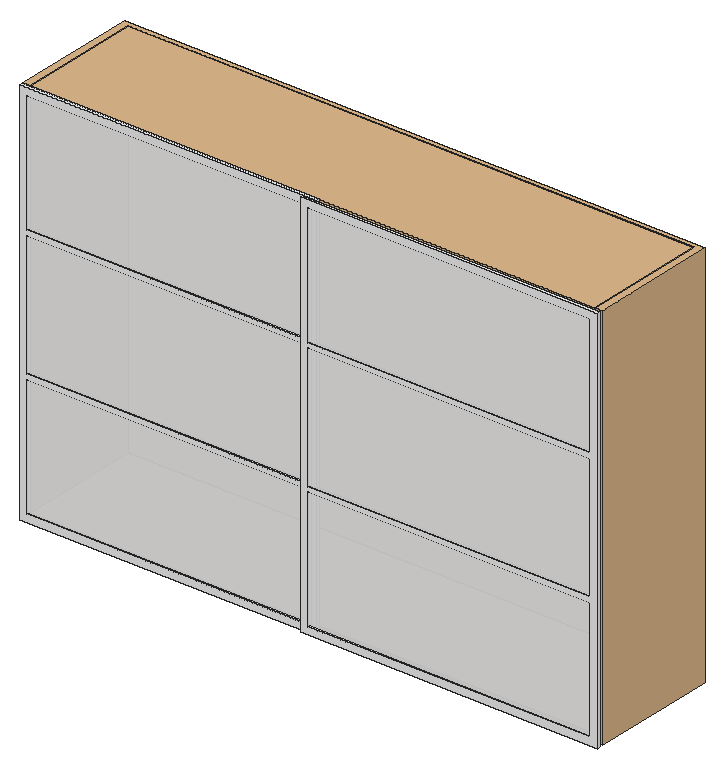
Revit family "Ikea_Pax_Stordal_Wardrobe_2583", category Мебель, Revit 2017
Family settings
  На основе рабочей плоскости = Нет
  Всегда вертикально = Да
  При загрузке вырезать с полостями = Нет
  Общий = Нет
  Точка расчета площади = Нет
Reference planes (in)
  plane 1 "Center F/B": y = 0
  plane 2: z = 0
  plane 3 "Center L/R": x = 0
Forms (in)
  Extrusion 1, solid
    sketch origin (0, 0, 0) x (-1, 0, 0) y (0, -1, 0)
      loop
        line (-59, 13) -> (-59, -13) -> (59, -13) -> (59, 13) -> (57.5, 13) -> (57.5, -12) -> (-57.5, -12) -> (-57.5, 13) -> (-59, 13)
    from 0 to 79.25
  Extrusion 2, solid
    sketch origin (-52, -14.75, 0) x (-1, 0, 0) y (0, 0, -1)
      loop
        line (-53.34919, -79.25) -> (7, -79.25) -> (7, 0) -> (-53.34919, 0) -> (-53.34919, -79.25)
      loop
        line (-51.84919, -77.75) -> (5.5, -77.75) -> (5.5, -53.25) -> (-51.84919, -53.25) -> (-51.84919, -77.75)
      loop
        line (5.5, -1.5) -> (-51.84919, -1.5) -> (-51.84919, -26) -> (5.5, -26) -> (5.5, -1.5)
      loop
        line (5.5, -52.25) -> (5.5, -27) -> (-51.84919, -27) -> (-51.84919, -52.25) -> (5.5, -52.25)
    from -1.10057 to -1.75
  Extrusion 3, solid
    sketch origin (-52, -14.75, 0) x (-1, 0, 0) y (0, 0, -1)
      loop
        line (5.5, -77.75) -> (5.5, -53.25) -> (-51.84919, -53.25) -> (-51.84919, -77.75) -> (5.5, -77.75)
      loop
        line (5.5, -52.25) -> (5.5, -27) -> (-51.84919, -27) -> (-51.84919, -52.25) -> (5.5, -52.25)
      loop
        line (5.5, -26) -> (5.5, -1.5) -> (-51.84919, -1.5) -> (-51.84919, -26) -> (5.5, -26)
    from -1.25 to -1.60057
  Extrusion 4, solid
    sketch origin (0, 0, 0) x (1, 0, 0) y (0, 1, 0)
      loop
        line (-57.5, 12) -> (-57.5, -13) -> (57.5, -13) -> (57.5, 12) -> (-57.5, 12)
    from 0 to 1.5
  Extrusion 5, solid
    sketch origin (0, 0, 77.75) x (1, 0, 0) y (0, 1, 0)
      loop
        line (-57.5, 12) -> (-57.5, -13) -> (57.5, -13) -> (57.5, 12) -> (-57.5, 12)
    from 0 to 1.5
  Extrusion 6, solid
    sketch origin (5.6481, -15.39943, 0) x (-1, 0, 0) y (0, 0, -1)
      loop
        line (-53.34919, -79.25) -> (7, -79.25) -> (7, 0) -> (-53.34919, 0) -> (-53.34919, -79.25)
      loop
        line (-51.84919, -77.75) -> (5.5, -77.75) -> (5.5, -53.25) -> (-51.84919, -53.25) -> (-51.84919, -77.75)
      loop
        line (5.5, -1.5) -> (-51.84919, -1.5) -> (-51.84919, -26) -> (5.5, -26) -> (5.5, -1.5)
      loop
        line (5.5, -52.25) -> (5.5, -27) -> (-51.84919, -27) -> (-51.84919, -52.25) -> (5.5, -52.25)
    from -1.10057 to -1.75
  Extrusion 7, solid
    sketch origin (5.6481, -15.39943, 0) x (-1, 0, 0) y (0, 0, -1)
      loop
        line (5.5, -77.75) -> (5.5, -53.25) -> (-51.84919, -53.25) -> (-51.84919, -77.75) -> (5.5, -77.75)
      loop
        line (5.5, -52.25) -> (5.5, -27) -> (-51.84919, -27) -> (-51.84919, -52.25) -> (5.5, -52.25)
      loop
        line (5.5, -26) -> (5.5, -1.5) -> (-51.84919, -1.5) -> (-51.84919, -26) -> (5.5, -26)
    from -1.25 to -1.60057
